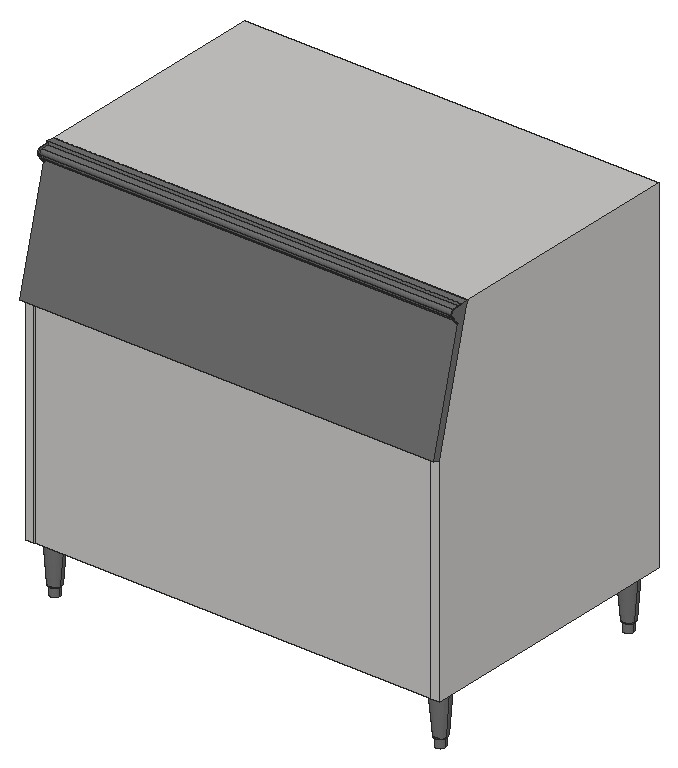
Revit family "QF_MACOM_B362I", category Specialty Equipment, Revit 2020
Family settings
  Round Connector Dimension = Use Diameter
  Part Type = Normal
  OmniClass Number = 23.40.40.11.24
  OmniClass Title = Cold Cabinets
  Work Plane-Based = No
  Always vertical = Yes
  Cut with Voids When Loaded = No
  Shared = No
  Room Calculation Point = No
Parameters (values of type "B-362I")
  Width [instance] = 1219 mm
  Weight = 62.5 kg
  Volume = 1.176 m³
  URL = "http://www.acosmacom.com.br/"
  Storaging Capacity = 362 kg
  Show Clearance [instance] = yes
  Serial Number = ""
  SMACNA No = ""
  Omniclass Number and Title = ""
  NAFEM Spec ID Number = ""
  Model = "B-362I"
  Masterspec = ""
  Manufacturer = "MACOM"
  Identify Quantity as Lot [instance] = yes
  Height [instance] = 1168 mm
  Foodservice Equipment Identifier [instance] = yes
  Default Elevation = 0 mm
  Drain Size = 3/4"
  Description = "DEPOSITO DE GELO INOX MACOM"
  Depth [instance] = 826 mm
  CSI MasterFormat = ""
  CSI Master Format = ""
  Base Height [instance] = 152.4 mm
Reference planes
  plane 1 "BACK": y = 0
  plane 2: z = 0
  plane 3 "LEFT": x = 0
  plane 4 "RIGHT": x = 1219
  plane 5 "FRONT": y = -826
  plane 6 "NoRef": z = 1064.503
  plane 7 "Base Height": z = 152.4
  plane 8 "Center Y": x = 609.5
  plane 9 "Center X": y = -413
  plane 10 "Top": z = 1168
Forms (mm)
  Revolve 1, solid, material "QF_Paint-Grey-Dark"
    sketch origin (381, -57.944, 152.4) x (0, 0, 1) y (-1, 0, 0)
      loop
        line (0, 367.494) -> (-124.817, 357.093)
        arc (-124.817, 357.093) -> (-126.371, 356.332) -> (-127, 354.72) r 2.381
        line (-127, 354.72) -> (-127, 353.207) -> (-152.4, 353.207) -> (-152.4, 338.919) -> (0, 338.919) -> (0, 367.494)
      axis (0, 338.919) -> (-152.4, 338.919)
    angle from 0 to 360
  Extrusion 2, solid, material "QF_Metal-Stainless"
    sketch origin (0, 101.6, 0) x (0, 1, 0) y (0, 0, 1)
      loop
        line (-906.886, 788.539) -> (-906.886, 152.4) -> (-101.6, 152.4) -> (-101.6, 1147.112) -> (-810.027, 1147.112) -> (-906.886, 788.539)
    from 0 to 25.4
  Extrusion 3, solid, material "QF_Metal-Stainless"
    sketch origin (381, 101.6, 0) x (0, -1, 0) y (0, 0, 1)
      loop
        line (133.35, 1147.112) -> (101.6, 1147.112) -> (101.6, 152.4) -> (903.711, 152.4) -> (903.711, 800.293) -> (897.944, 821.646) -> (873.664, 821.646) -> (873.664, 184.15) -> (133.35, 184.15) -> (133.35, 1147.112)
    from -812.6 to 355.6
  Extrusion 4, solid, material "QF_Paint-Grey-Dark"
    sketch origin (533.4, 117.573, 152.301) x (0, -1, 0) y (0, 0, 1)
      loop
        line (922.859, 636.239) -> (943.573, 641.834) -> (842.583, 1015.699) -> (820.358, 1015.699) -> (922.859, 636.239)
    from -685.6 to 533.4
  Extrusion 5, solid, material "QF_Metal-Stainless"
    sketch origin (381, 101.6, 152.301) x (0, -1, 0) y (0, 0, 1)
      loop
        line (101.6, 1015.699) -> (101.6, 994.812) -> (810.027, 994.812) -> (804.385, 1015.699) -> (101.6, 1015.699)
    from -838 to 381
  Extrusion 6, solid, material "QF_Metal-Stainless"
    sketch origin (1219, 101.6, 0) x (0, 1, 0) y (0, 0, 1)
      loop
        line (-101.6, 152.4) -> (-101.6, 1147.112) -> (-810.027, 1147.112) -> (-906.886, 788.539) -> (-906.886, 152.4) -> (-101.6, 152.4)
    from 0 to -25.4
  Extrusion 7, solid, material "QF_Paint-Grey-Dark"
    sketch origin (0, 220.696, 166.029) x (0, 0.981627, 0.190809) y (0, -0.190809, 0.981627)
      loop
        arc (-773.929, 1149.47) -> (-767.982, 1133.486) -> (-759.308, 1118.803) r 96.261
        line (-759.308, 1118.803) -> (-738.981, 1160.266)
        arc (-738.981, 1160.266) -> (-750.246, 1162.811) -> (-761.702, 1164.264) r 120.175
        arc (-761.702, 1164.264) -> (-771.658, 1160.042) -> (-773.929, 1149.47) r 11.729
    from 0 to 3.175
  Extrusion 8, solid, material "QF_Paint-Grey-Dark"
    sketch origin (1219, 15.973, 0) x (0, 1, 0) y (0, 0, 1)
      loop
        arc (-742.07, 1163.974) -> (-753.613, 1164.323) -> (-765.136, 1163.563) r 120.175
        arc (-765.136, 1163.563) -> (-774.104, 1157.519) -> (-774.315, 1146.707) r 11.729
        arc (-774.315, 1146.707) -> (-765.428, 1132.153) -> (-754.112, 1119.394) r 96.261
        line (-754.112, 1119.394) -> (-742.07, 1163.974)
    from 0 to -3.175
  Revolve 9, solid, material "QF_Paint-Grey-Dark"
    sketch origin (381, -57.944, 152.4) x (0, 0, 1) y (-1, 0, 0)
      loop
        line (0, -824.494) -> (0, -795.919) -> (-152.4, -795.919) -> (-152.4, -810.207) -> (-127, -810.207) -> (-127, -811.72)
        arc (-127, -811.72) -> (-126.371, -813.332) -> (-124.817, -814.093) r 2.381
        line (-124.817, -814.093) -> (0, -824.494)
      axis (0, -795.919) -> (-152.4, -795.919)
    angle from 0 to 360
  Revolve 10, solid, material "QF_Paint-Grey-Dark"
    sketch origin (381, -750.018, 152.4) x (0, 0, 1) y (1, 0, 0)
      loop
        line (0, -367.494) -> (0, -338.919) -> (-152.4, -338.919) -> (-152.4, -353.207) -> (-127, -353.207) -> (-127, -354.72)
        arc (-127, -354.72) -> (-126.371, -356.332) -> (-124.817, -357.093) r 2.381
        line (-124.817, -357.093) -> (0, -367.494)
      axis (0, -338.919) -> (-152.4, -338.919)
    angle from 0 to 360
  Revolve 11, solid, material "QF_Paint-Grey-Dark"
    sketch origin (381, -750.018, 152.4) x (0, 0, 1) y (1, 0, 0)
      loop
        line (0, 824.494) -> (-124.817, 814.093)
        arc (-124.817, 814.093) -> (-126.371, 813.332) -> (-127, 811.72) r 2.381
        line (-127, 811.72) -> (-127, 810.207) -> (-152.4, 810.207) -> (-152.4, 795.919) -> (0, 795.919) -> (0, 824.494)
      axis (0, 795.919) -> (-152.4, 795.919)
    angle from 0 to 360
  Extrusion 12, solid, material "QF_Metal-Stainless"
    sketch origin (381, 0, 1147.112) x (0, 0, -1) y (-1, 0, 0)
      loop
        circle (962.962, -228.5) r 9.525
    from 0 to -3.175
  Extrusion 13, solid, material "QF_Paint-Grey-Dark"
    sketch origin (1215.825, 15.973, 0) x (0, -1, 0) y (0, 0, 1)
      loop
        arc (761.436, 1145.219) -> (772.652, 1149.947) -> (766.714, 1160.571) r 8.167
        arc (766.714, 1160.571) -> (754.826, 1161.998) -> (742.893, 1161.01) r 59.361
        line (742.893, 1161.01) -> (752.921, 1123.803) -> (757.562, 1130.19)
        arc (757.562, 1130.19) -> (759.064, 1133.487) -> (759.159, 1137.108) r 9.085
        line (759.159, 1137.108) -> (758.282, 1142.078) -> (761.436, 1145.219)
    from 0 to 1212.65
  Extrusion 14, solid, material "QF_Clearance", visible <- "Show Clearance", detail levels coarse
    sketch origin (0, 220.696, 166.029) x (0, -0.981627, -0.190809) y (0, -0.190809, 0.981627)
      loop
        line (715.329, 1159.77) -> (888.352, 806.839)
        arc (888.352, 806.839) -> (1087.951, 1284.868) -> (640.329, 1545.609) r 393.061
        line (640.329, 1545.609) -> (715.329, 1159.77)
    from -1219 to 0
Cuts and joins
  joined: Extrusion 4, Extrusion 7, Extrusion 8
  joined: Extrusion 2, Extrusion 3, Extrusion 5, Extrusion 6
Lines and regions (mm)
  symbolic lines
    curve 1: line (0, 0, 0) -> (1219, 0, 0)
    curve 2: line (0, -826, 0) -> (0, 0, 0)
    curve 3: line (1219, -826, 0) -> (0, -826, 0)
    curve 4: line (1219, 0, 0) -> (1219, -826, 0)
    curve 5: line (0, -702.785, 0) -> (1219, -702.785, 0)
    curve 6: line (1219, -725.01, 0) -> (0, -725.01, 0)
    curve 7: line (1215.825, -726.097, 0) -> (1215.825, -759.559, 0)
    curve 8: line (1215.825, -726.097, 0) -> (1219, -726.097, 0)
    curve 9: line (3.175, -759.559, 0) -> (3.175, -726.097, 0)
    curve 10: line (0, -726.097, 0) -> (3.175, -726.097, 0)
    curve 11: line (3.175, -759.559, 0) -> (0, -759.559, 0)
    curve 12: line (1215.825, -759.559, 0) -> (1219, -759.559, 0)
    curve 13: line (3.175, -757.102, 0) -> (1215.825, -757.102, 0)
  model lines
    curve 14: line (40, -36, 1168) -> (40, -566.785, 1168)
    curve 15: line (1179, -36, 1168) -> (40, -36, 1168)
    curve 16: line (1179, -566.785, 1168) -> (1179, -36, 1168)
    curve 17: line (40, -566.785, 1168) -> (1179, -566.785, 1168)
Dimensions and locks
  "Width": plane 3 "LEFT" to plane 4 "RIGHT"
  "Depth": plane 5 "FRONT" to plane 1 "BACK"
  equal spacing: plane 3 "LEFT", plane 8 "Center Y", plane 4 "RIGHT"
  equal spacing: plane 5 "FRONT", plane 9 "Center X", plane 1 "BACK"
  locked: Extrusion 6 to plane 4 "RIGHT" at 25.4
  plane 4 "RIGHT" to plane 3 "LEFT" = 1219 mm
  locked: Extrusion 12 sketch curve to plane 8 "Center Y"
  plane 10 "Top" to Extrusion 13 sketch curve to Extrusion 13 sketch curve to Extrusion 13 sketch curve to Extrusion 13 sketch curve = 6.99 mm locked, 8.408 mm locked, 10.524 mm locked, 18.275 mm locked
  "Base Height": plane 7 "Base Height" to plane 2
  "Height": plane 10 "Top" to plane 2
  aligned and locked: level to plane 2
  aligned and locked: plane 4 "RIGHT" to Extrusion 5
  aligned: plane 4 "RIGHT" to Extrusion 3
  aligned: plane 4 "RIGHT" to Extrusion 4
  aligned: Extrusion 4 to Extrusion 6
  aligned and locked: Extrusion 3 to Extrusion 6
  aligned and locked: plane 4 "RIGHT" to Extrusion 4
  aligned and locked: Extrusion 13 to cut or joined group of Extrusion 4, Extrusion 7, Extrusion 8
  aligned and locked: plane 4 "RIGHT" to Extrusion 14
  aligned and locked: Extrusion 14 to plane 3 "LEFT"
Automatic sketch dimensions
  Revolve 1 sketch curve to level = 0 mm  (x2)
  Revolve 1 sketch curve to plane 7 "Base Height" = 0 mm
  Revolve 1 sketch curve to Revolve 1 sketch curve = 38.1 mm
  level to Revolve 1 sketch curve = 25.4 mm
  Revolve 1 sketch curve to Revolve 1 sketch curve = 2.183 mm
  Revolve 1 sketch curve to Revolve 1 sketch curve = 2.381 mm
  plane 3 "LEFT" to Revolve 1 sketch curve = 42.081 mm  (x2)
  Revolve 1 sketch curve to Revolve 1 sketch curve = 14.287 mm
  Revolve 1 sketch curve to Revolve 1 sketch curve = 1.513 mm
  plane 3 "LEFT" to Revolve 1 sketch curve = 13.506 mm
  Extrusion 2 sketch curve to plane 7 "Base Height" = 0 mm
  Extrusion 2 sketch curve to plane 1 "BACK" = 0 mm
  Extrusion 2 sketch curve to plane 10 "Top" = 20.888 mm
  Extrusion 2 sketch curve to plane 5 "FRONT" = 117.573 mm
  Extrusion 2 sketch curve to plane 5 "FRONT" = 20.714 mm
  Extrusion 2 sketch curve to plane 6 "NoRef" = 275.963 mm
  Extrusion 3 sketch curve to plane 1 "BACK" = 0 mm
  Extrusion 3 sketch curve to plane 7 "Base Height" = 0 mm
  Extrusion 3 sketch curve to Extrusion 3 sketch curve = 31.75 mm
  Extrusion 3 sketch curve to plane 5 "FRONT" = 53.936 mm
  Extrusion 3 sketch curve to Extrusion 3 sketch curve = 24.279 mm
  Extrusion 3 sketch curve to Extrusion 3 sketch curve = 5.768 mm
  plane 7 "Base Height" to Extrusion 3 sketch curve = 31.75 mm
  Extrusion 3 sketch curve to plane 6 "NoRef" = 264.209 mm
  Extrusion 3 sketch curve to Extrusion 3 sketch curve = 21.352 mm
  Extrusion 3 sketch curve to plane 10 "Top" = 20.888 mm
  Extrusion 4 sketch curve to plane 10 "Top" = 0 mm
  Extrusion 4 sketch curve to plane 5 "FRONT" = 0 mm
  Extrusion 4 sketch curve to plane 5 "FRONT" = 20.714 mm
  Extrusion 4 sketch curve to plane 5 "FRONT" = 100.99 mm
  Extrusion 4 sketch curve to Extrusion 4 sketch curve = 22.225 mm
  Extrusion 5 sketch curve to plane 1 "BACK" = 0 mm
  Extrusion 5 sketch curve to plane 10 "Top" = 0 mm
  Extrusion 5 sketch curve to plane 5 "FRONT" = 123.215 mm
  Extrusion 5 sketch curve to Extrusion 5 sketch curve = 5.642 mm
  Extrusion 5 sketch curve to plane 10 "Top" = 20.888 mm
  Extrusion 6 sketch curve to plane 7 "Base Height" = 0 mm
  Extrusion 6 sketch curve to plane 1 "BACK" = 0 mm
  Extrusion 6 sketch curve to plane 10 "Top" = 20.888 mm
  Extrusion 6 sketch curve to plane 5 "FRONT" = 117.573 mm
  Extrusion 6 sketch curve to plane 5 "FRONT" = 20.714 mm
  Extrusion 6 sketch curve to plane 6 "NoRef" = 275.963 mm
  Extrusion 7 sketch curve to plane 10 "Top" = 21.293 mm
  Extrusion 7 sketch curve to plane 5 "FRONT" = 67.658 mm
  Extrusion 7 sketch curve to Extrusion 7 sketch curve = 0 mm  (x2)
  Extrusion 7 sketch curve to Extrusion 7 sketch curve = 2.861 mm
  Extrusion 7 sketch curve to Extrusion 7 sketch curve = 11.312 mm
  Extrusion 7 sketch curve to Extrusion 7 sketch curve = 0.914 mm
  Extrusion 7 sketch curve to Extrusion 7 sketch curve = 3.308 mm
  Extrusion 7 sketch curve to Extrusion 7 sketch curve = 22.721 mm
  Extrusion 7 sketch curve to Extrusion 7 sketch curve = 57.89 mm
  Extrusion 7 sketch curve to Extrusion 7 sketch curve = 30.666 mm
  Extrusion 8 sketch curve to plane 10 "Top" = 21.293 mm
  Extrusion 8 sketch curve to plane 5 "FRONT" = 67.658 mm
  Extrusion 8 sketch curve to Extrusion 8 sketch curve = 0 mm  (x2)
  Extrusion 8 sketch curve to plane 10 "Top" = 4.437 mm
  Extrusion 8 sketch curve to Extrusion 8 sketch curve = 9.179 mm
  Extrusion 8 sketch curve to Extrusion 8 sketch curve = 10.513 mm
  Extrusion 8 sketch curve to Extrusion 8 sketch curve = 9.69 mm
  Extrusion 8 sketch curve to plane 6 "NoRef" = 20.335 mm
  Extrusion 8 sketch curve to plane 10 "Top" = 4.026 mm
  plane 10 "Top" to Extrusion 8 sketch curve = 21.397 mm
  Revolve 9 sketch curve to level = 0 mm  (x2)
  Revolve 9 sketch curve to plane 7 "Base Height" = 0 mm
  Revolve 9 sketch curve to Revolve 9 sketch curve = 38.1 mm
  level to Revolve 9 sketch curve = 25.4 mm
  Revolve 9 sketch curve to Revolve 9 sketch curve = 2.183 mm
  Revolve 9 sketch curve to Revolve 9 sketch curve = 0.198 mm
  Revolve 9 sketch curve to plane 4 "RIGHT" = 13.506 mm
  Revolve 9 sketch curve to plane 4 "RIGHT" = 23.907 mm
  Revolve 9 sketch curve to Revolve 9 sketch curve = 1.513 mm
  Revolve 9 sketch curve to Revolve 9 sketch curve = 14.287 mm
  Revolve 9 sketch curve to Revolve 9 sketch curve = 0 mm
  Revolve 10 sketch curve to level = 0 mm  (x2)
  Revolve 10 sketch curve to plane 7 "Base Height" = 0 mm
  Revolve 10 sketch curve to Revolve 10 sketch curve = 38.1 mm
  level to Revolve 10 sketch curve = 25.4 mm
  Revolve 10 sketch curve to Revolve 10 sketch curve = 2.183 mm
  Revolve 10 sketch curve to Revolve 10 sketch curve = 0.198 mm
  plane 3 "LEFT" to Revolve 10 sketch curve = 13.506 mm
  plane 3 "LEFT" to Revolve 10 sketch curve = 23.907 mm
  Revolve 10 sketch curve to Revolve 10 sketch curve = 1.513 mm
  Revolve 10 sketch curve to Revolve 10 sketch curve = 14.287 mm
  Revolve 10 sketch curve to Revolve 10 sketch curve = 0 mm
  Revolve 11 sketch curve to level = 0 mm  (x2)
  Revolve 11 sketch curve to plane 7 "Base Height" = 0 mm
  Revolve 11 sketch curve to Revolve 11 sketch curve = 38.1 mm
  level to Revolve 11 sketch curve = 25.4 mm
  Revolve 11 sketch curve to Revolve 11 sketch curve = 2.183 mm
  Revolve 11 sketch curve to Revolve 11 sketch curve = 0.198 mm
  Revolve 11 sketch curve to plane 4 "RIGHT" = 42.081 mm  (x2)
  Revolve 11 sketch curve to Revolve 11 sketch curve = 14.287 mm
  Revolve 11 sketch curve to Revolve 11 sketch curve = 1.513 mm
  Revolve 11 sketch curve to plane 4 "RIGHT" = 13.506 mm
  Extrusion 12 sketch curve to Extrusion 3 = 31.75 mm
  Extrusion 8 to Extrusion 13 sketch curve = 0 mm
  Extrusion 13 sketch curve to Extrusion 13 sketch curve = 2.709 mm
  Extrusion 13 sketch curve to Extrusion 13 sketch curve = 0.811 mm
  Extrusion 13 sketch curve to Extrusion 13 sketch curve = 4.64 mm
  Extrusion 13 sketch curve to Extrusion 13 sketch curve = 0.876 mm
  Extrusion 13 sketch curve to Extrusion 13 sketch curve = 3.154 mm
  Extrusion 13 sketch curve to Extrusion 13 sketch curve = 3.492 mm
  Extrusion 13 sketch curve to Extrusion 13 sketch curve = 1.786 mm
  Extrusion 13 sketch curve to Extrusion 13 sketch curve = 0 mm
  Extrusion 13 sketch curve to Extrusion 13 sketch curve = 5.34 mm
  Extrusion 13 sketch curve to Extrusion 13 sketch curve = 4.971 mm
  Extrusion 13 sketch curve to Extrusion 13 sketch curve = 3.141 mm
  Extrusion 13 sketch curve to Extrusion 8 = 0.022 mm
  plane 1 "BACK" to curve 1 = 0 mm
  curve 1 to plane 3 "LEFT" = 0 mm
  curve 6 to plane 4 "RIGHT" = 0 mm
  plane 5 "FRONT" to curve 4 = 0 mm
  plane 3 "LEFT" to curve 11 = 3.175 mm
  curve 8 to curve 8 = 3.175 mm
  curve 7 to plane 5 "FRONT" = 66.441 mm
  curve 11 to plane 5 "FRONT" = 66.441 mm
  curve 9 to curve 13 = 2.457 mm
  curve 13 to curve 7 = 31.005 mm
  curve 13 to curve 10 = 31.005 mm
  curve 10 to curve 6 = 1.087 mm
  curve 6 to curve 5 = 22.225 mm
  Extrusion 7 to Extrusion 14 sketch curve = 21.456 mm
  Extrusion 14 sketch curve to Extrusion 14 sketch curve = 0 mm  (x2)
  Extrusion 14 sketch curve to Extrusion 14 sketch curve = 75 mm
  Extrusion 14 sketch curve to Extrusion 14 sketch curve = 173.023 mm
  Extrusion 14 sketch curve to Extrusion 14 sketch curve = 352.931 mm
  curve 16 to Extrusion 5 = 36 mm
  curve 16 to Extrusion 5 = 136 mm
  Extrusion 5 to curve 14 = 40 mm
  Extrusion 5 to curve 16 = 40 mm
  radius of Extrusion 12 sketch curve = 9.525 mm
Connectors
  piping at (609.5, 0, 184.15), diameter 19.05
    settings: on Extrusion 12, index 1, connector inside diameter 3/4", connector length 0 mm, flow factor 0, pipe flow 0 GPM, pressure drop 0.00 psi, fitting loss kfactor 0, connector angle 0.00°, fixture units 0, engagement length 0 mm, angle of deflection 0.00°, flow configuration 1, flow direction 2, fitting loss method 0, system type 16, joint type 0, gender type 0, connector reference index -1, connector utility 0, adjustable connector no, is connector primary yes, connector description "Drain"
